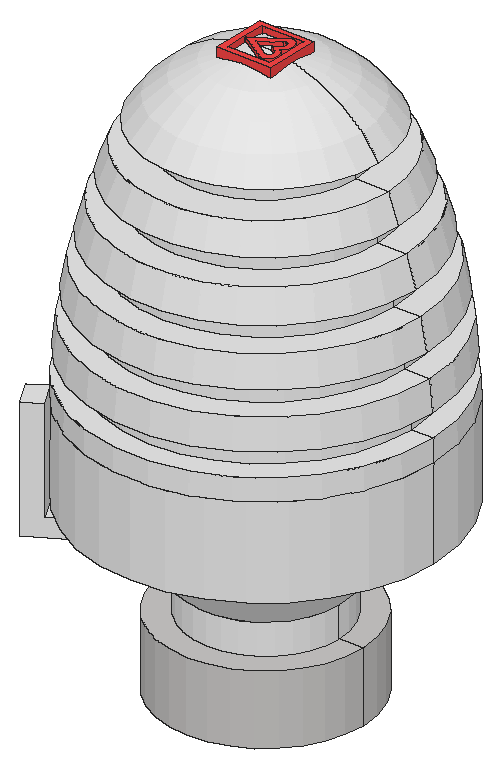
Revit family "HERZ-Design-Thermostatic Sensor M28x1.5 9260", category Rohrzubehör, Revit 2019
Family settings
  Bemaßung runder Anschluss = Durchmesser verwenden
  Teiletyp = Normal
  OmniClass-Nummer = 23.65.55.14
  OmniClass-Titel = Valves for Liquid Services
  Arbeitsebenenbasiert = Nein
  Immer vertikal = Nein
  Beim Laden mit Abzugskörper schneiden = Nein
  Gemeinsam genutzt = Nein
Parameters
  URL = "www.herzvalves.com"
  Set value range = "6-28°C"  # constant formula
  S02 = 60.000 mm  # constant formula
  S01 = 90.000 mm  # constant formula
  Part number = 1926006  # constant formula
  Operation = "The HERZ thermostat serves as a room temperature sensing and control unit.\r\nThe change in volume of the liquid contained in the hydrosensor actuates the valve spindle."
  Hersteller = "HERZ Armaturen Ges.m.b.H."  # constant formula
  Hand wheel = "plastic, white"  # constant formula
  Frost protection = 6 °C  # constant formula
  Finish = "Radiator Thermostat With Hydrosensor (liquid filled)\r\nWith automatic frost release, limitation and locking of selected temperature range,\r\nhandwheel white."
  Application = "Can be combined with any HERZ-valve suitable for thermostatic operation."
Reference planes
  plane 1 "Mitte (Vorne/hinten)": y = 0
  plane 2: z = 0
  plane 3 "Mitte (Links/rechts)": x = 0
Forms (mm)
  Revolve 1, solid, material "Kunststoff weiß", detail levels fine
    sketch origin (0, 0, 0) x (1, 0, 0) y (0, 0, 1)
      loop
        line (0, 0) -> (0, 90)
        arc (0, 90) -> (-10.767, 87.197) -> (-18.8, 79.5) r 22.08
        arc (-18.8, 79.5) -> (-25.672, 59.356) -> (-28, 38.2) r 97.301
        line (-28, 38.2) -> (-28, 23.2) -> (-23.25, 23.2) -> (-23.25, 20.5) -> (-20.4, 20.5) -> (-20.4, 19.7) -> (-12.2, 11.5) -> (-12.2, 4.8) -> (-13.2, 4.8) -> (-13.2, 0) -> (0, 0)
      axis (0, 90) -> (0, 0)
    angle from 0 to 360
  Extrusion 2, solid, material "Kunststoff weiß", detail levels fine
    sketch origin (0, 0, 0) x (0.866025, 0.5, 0) y (0, 0, 1)
      loop
        line (-28.5, 36.04) -> (-31.75, 36.04) -> (-31.75, 16.2) -> (-20.85, 16.2) -> (-20.85, 20.5) -> (-23.25, 20.5) -> (-23.25, 21.5) -> (-24.578, 19.2) -> (-28.5, 19.2) -> (-28.5, 36.04)
    from 2.5 to -2.5
  Extrusion 3, solid, material "Kunststoff weiß", detail levels fine
    sketch origin (0, 0, 0) x (0, 1, 0) y (0, 0, 1)
      loop
        arc (0.75, 19.2) -> (1.987, 19.713) -> (2.5, 20.95) r 1.75
        line (2.5, 20.95) -> (2.5, 32.2) -> (-2.5, 32.2) -> (-2.5, 20.95)
        arc (-2.5, 20.95) -> (-1.987, 19.713) -> (-0.75, 19.2) r 1.75
        line (-0.75, 19.2) -> (0.75, 19.2)
    from 0 to -31.5
  Revolve 4, solid, material "Messing verzinkt", detail levels fine
    sketch origin (0, 0, 0) x (1, 0, 0) y (0, 0, 1)
      loop
        line (0, 0) -> (0, 6.5) -> (-16.25, 6.5) -> (-16.25, -5) -> (-14, -5) -> (-14, 0) -> (0, 0)
      axis (0, 6.5) -> (0, -5)
    angle from 0 to 360
  Revolve 5, void
    sketch origin (0, 0, 0) x (1, 0, 0) y (0, 0, 1)
      loop
        arc (-18.8, 79.5) -> (-19.64, 77.659) -> (-20.442, 75.8) r 97.301
        line (-20.442, 75.8) -> (-14.951, 75.8) -> (-14.951, 79.5) -> (-18.8, 79.5)
      loop
        line (-27.933, 41.8) -> (-24.226, 41.8) -> (-24.226, 45.5) -> (-27.726, 45.5)
        arc (-27.726, 45.5) -> (-27.847, 43.651) -> (-27.933, 41.8) r 97.301
      loop
        arc (-22.197, 71.3) -> (-22.843, 69.456) -> (-23.452, 67.6) r 97.301
        line (-23.452, 67.6) -> (-18.697, 67.6) -> (-18.697, 71.3) -> (-22.197, 71.3)
      loop
        arc (-24.865, 62.7) -> (-25.326, 60.854) -> (-25.751, 59) r 97.301
        line (-25.751, 59) -> (-21.365, 59) -> (-21.365, 62.7) -> (-24.865, 62.7)
      loop
        arc (-26.692, 54.1) -> (-26.98, 52.253) -> (-27.232, 50.4) r 97.301
        line (-27.232, 50.4) -> (-23.192, 50.4) -> (-23.192, 54.1) -> (-26.692, 54.1)
      axis (0, 79.5) -> (0, 41.8)
    angle from 0 to 360
Cuts and joins
  Revolve 5 cuts Revolve 1
Lines and regions (mm)
  model lines, detail levels coarse+medium
    curve 1: line (0, 0, 0) -> (0, 0, 30)
    curve 2: line (0, 0.018, 0) -> (30, 0.018, 0)
    curve 3: circle (0, 0, 60) r 30 normal (0, -1, 0)
    curve 4: circle (0, 0, 60) r 30 normal (1, 0, 0)
    curve 5: line (0, 0, 40) -> (0, 0, 80)
    curve 6: line (0, 17.5, 80) -> (0, -17.5, 80)
    curve 7: line (0, 0, 40) -> (0, 0, 80)
    curve 8: line (-17.5, 0, 80) -> (17.5, 0, 80)
    curve 9: circle (60, 0.018, 0) r 30 normal (0, 0, 1)
    curve 10: line (40, 0.018, 0) -> (80, 0.018, 0)
    curve 11: line (80, -17.482, 0) -> (80, 17.518, 0)
Dimensions and locks
  nested 1 to plane 2 = 89.000 mm
  "S01": curve 4 to plane 2
  "S01": curve 3 to plane 2
  "S01": plane 3 "Mitte (Links/rechts)" to curve 9
  "S02": diameter of curve 3
  "S02": diameter of curve 4
  "S02": diameter of curve 9
  aligned and locked: level to plane 2
Automatic sketch dimensions
  Revolve 1 sketch curve to level = 0.000 mm
  Revolve 1 sketch curve to plane 3 "Mitte (Links/rechts)" = 0.000 mm  (x2)
  Revolve 1 sketch curve to plane 3 "Mitte (Links/rechts)" = 12.200 mm
  Revolve 1 sketch curve to Revolve 1 sketch curve = 1.000 mm
  Revolve 1 sketch curve to Revolve 1 sketch curve = 8.200 mm  (x2)
  Revolve 1 sketch curve to Revolve 1 sketch curve = 2.850 mm
  Revolve 1 sketch curve to Revolve 1 sketch curve = 4.750 mm
  plane 3 "Mitte (Links/rechts)" to Revolve 1 sketch curve = 69.301 mm
  level to Revolve 1 sketch curve = 4.800 mm
  Revolve 1 sketch curve to Revolve 1 sketch curve = 6.700 mm
  Revolve 1 sketch curve to Revolve 1 sketch curve = 0.800 mm
  Revolve 1 sketch curve to Revolve 1 sketch curve = 2.700 mm
  Revolve 1 sketch curve to Revolve 1 sketch curve = 15.000 mm
  Revolve 1 sketch curve to Revolve 1 sketch curve = 29.720 mm
  Revolve 1 sketch curve to Revolve 1 sketch curve = 22.080 mm
  Revolve 1 sketch curve to level = 366.045 mm
  Revolve 1 sketch curve to Revolve 1 sketch curve = 0.000 mm
  level to Extrusion 2 sketch curve = 36.040 mm
  Extrusion 2 sketch curve to Extrusion 2 sketch curve = 3.250 mm
  Extrusion 2 sketch curve to Extrusion 2 sketch curve = 3.922 mm
  level to Extrusion 2 sketch curve = 21.500 mm
  Extrusion 2 sketch curve to Extrusion 2 sketch curve = 1.328 mm
  Extrusion 2 sketch curve to Extrusion 2 sketch curve = 3.728 mm
  Extrusion 2 sketch curve to Extrusion 2 sketch curve = 1.000 mm
  Extrusion 2 sketch curve to Extrusion 2 sketch curve = 1.300 mm
  Extrusion 2 sketch curve to Extrusion 2 sketch curve = 3.000 mm
  plane 1 "Mitte (Vorne/hinten)" to Extrusion 3 sketch curve = 2.500 mm
  plane 1 "Mitte (Vorne/hinten)" to Extrusion 3 sketch curve = 0.750 mm
  Extrusion 3 sketch curve to plane 1 "Mitte (Vorne/hinten)" = 0.750 mm
  Extrusion 3 sketch curve to plane 1 "Mitte (Vorne/hinten)" = 2.500 mm
  level to Extrusion 3 sketch curve = 19.200 mm
  Extrusion 3 sketch curve to Extrusion 3 sketch curve = 11.250 mm
  Revolve 4 sketch curve to level = 0.000 mm
  Revolve 4 sketch curve to plane 3 "Mitte (Links/rechts)" = 0.000 mm  (x2)
  Revolve 4 sketch curve to level = 5.000 mm
  Revolve 4 sketch curve to plane 3 "Mitte (Links/rechts)" = 14.000 mm
  Revolve 4 sketch curve to Revolve 4 sketch curve = 2.250 mm
  level to Revolve 4 sketch curve = 6.500 mm
  Revolve 4 sketch curve to Revolve 4 sketch curve = 361.045 mm
  Revolve 4 sketch curve to Revolve 4 sketch curve = 2207.815 mm
  Revolve 5 sketch curve to Revolve 5 sketch curve = 0.000 mm  (x20)
  Revolve 5 sketch curve to plane 3 "Mitte (Links/rechts)" = 0.000 mm
  Revolve 5 sketch curve to plane 3 "Mitte (Links/rechts)" = 14.951 mm
  Revolve 5 sketch curve to Revolve 5 sketch curve = 3.746 mm
  Revolve 5 sketch curve to Revolve 5 sketch curve = 3.849 mm
  Revolve 5 sketch curve to Revolve 5 sketch curve = 1.642 mm
  Revolve 5 sketch curve to Revolve 5 sketch curve = 2.668 mm
  Revolve 5 sketch curve to Revolve 5 sketch curve = 3.500 mm  (x4)
  Revolve 5 sketch curve to Revolve 5 sketch curve = 1.827 mm
  Revolve 5 sketch curve to Revolve 5 sketch curve = 1.255 mm
  Revolve 5 sketch curve to Revolve 5 sketch curve = 1.034 mm
  Revolve 5 sketch curve to Revolve 5 sketch curve = 0.886 mm
  Revolve 5 sketch curve to Revolve 5 sketch curve = 0.540 mm
  Revolve 5 sketch curve to Revolve 5 sketch curve = 0.208 mm
  level to Revolve 5 sketch curve = 38.200 mm
  plane 3 "Mitte (Links/rechts)" to Revolve 5 sketch curve = 69.301 mm
  level to Revolve 5 sketch curve = 41.800 mm
  Revolve 5 sketch curve to Revolve 5 sketch curve = 4.900 mm  (x3)
  Revolve 5 sketch curve to Revolve 5 sketch curve = 4.500 mm
  Revolve 5 sketch curve to level = 366.045 mm
  Revolve 5 sketch curve to Revolve 5 sketch curve = 2134.815 mm
  curve 5 to plane 1 "Mitte (Vorne/hinten)" = 0.000 mm
  curve 4 to plane 1 "Mitte (Vorne/hinten)" = 0.000 mm
  plane 1 "Mitte (Vorne/hinten)" to curve 6 = 17.500 mm
  curve 5 to curve 6 = 17.500 mm
  curve 5 to curve 4 = 20.000 mm
  curve 4 to curve 6 = 20.000 mm
  curve 3 to plane 3 "Mitte (Links/rechts)" = 0.000 mm
  curve 7 to plane 3 "Mitte (Links/rechts)" = 0.000 mm
  curve 1 to plane 3 "Mitte (Links/rechts)" = 0.000 mm
  curve 1 to level = 0.000 mm
  curve 8 to curve 7 = 17.500 mm
  plane 3 "Mitte (Links/rechts)" to curve 8 = 17.500 mm
  curve 1 to curve 7 = 10.000 mm
  curve 3 to curve 8 = 20.000 mm
  curve 2 to plane 3 "Mitte (Links/rechts)" = 0.000 mm
  curve 9 to plane 1 "Mitte (Vorne/hinten)" = 0.018 mm
  curve 10 to plane 1 "Mitte (Vorne/hinten)" = 0.018 mm
  curve 2 to curve 10 = 10.000 mm
  curve 9 to curve 11 = 20.000 mm
  plane 1 "Mitte (Vorne/hinten)" to curve 11 = 17.482 mm
  curve 2 to plane 1 "Mitte (Vorne/hinten)" = 0.018 mm
  curve 10 to curve 11 = 17.500 mm
Nested families
  nested 1: "Herz-Logo" at (0, 0, 89) x (0, -1, 0) z (0, 0, 1), type "Herz-Logo"
Definition of nested family "Herz-Logo"
  Reference planes
    plane 1 "Mitte (Vorne/hinten)": y = 0
    plane 2: z = 0
    plane 3 "Mitte (Links/rechts)": x = 0
  Forms (mm)
    Extrusion 1, solid
      sketch origin (0, 0, 0) x (1, 0, 0) y (0, 1, 0)
        loop
          line (-0.018, -4.517) -> (4.482, -4.517) -> (4.482, 4.483) -> (-4.518, 4.483) -> (-4.518, -4.517) -> (-0.018, -4.517)
        loop
          line (-0.05, -3.48) -> (3.482, -3.48) -> (3.482, 3.483) -> (-3.518, 3.483) -> (-3.518, -3.48) -> (-0.05, -3.48)
        loop
          arc (-0.018, 2.383) -> (-1.543, 3.287) -> (-3.067, 2.383) r 1.738
          arc (-3.067, 2.383) -> (-3.191, 1.899) -> (-3.067, 1.415) r 1.009
          line (-3.067, 1.415) -> (-0.018, -3.281) -> (3.032, 1.415)
          arc (3.032, 1.415) -> (3.156, 1.899) -> (3.032, 2.383) r 1.009
          arc (3.032, 2.383) -> (1.507, 3.287) -> (-0.018, 2.383) r 1.738
        loop
          arc (1.885, 1.272) -> (2.005, 1.675) -> (1.885, 2.079) r 0.74
          arc (1.885, 2.079) -> (1.265, 2.416) -> (0.644, 2.079) r 0.74
          line (0.644, 2.079) -> (-0.018, 0.97) -> (-0.679, 2.079)
          arc (-0.679, 2.079) -> (-1.3, 2.416) -> (-1.921, 2.079) r 0.74
          arc (-1.921, 2.079) -> (-2.04, 1.675) -> (-1.921, 1.272) r 0.74
          line (-1.921, 1.272) -> (-0.018, -1.658) -> (1.885, 1.272)
      from 0 to 1.5
  Dimensions and locks
    aligned and locked: level to plane 2
